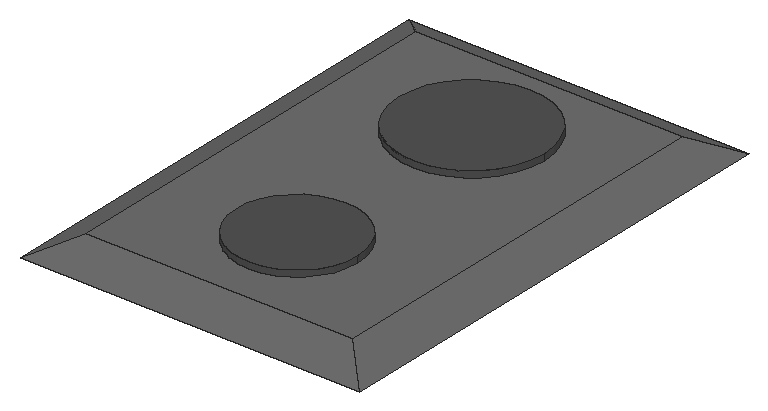
Revit family
Parameters (values of type "356 x 508mm")
  Burner Material = Metal - Chrome
  Cooktop Material = Metal - Steel, Polished
  Counter Height = 900.00 mm
  Depth = 508.00 mm
  Width = 356.00 mm
Types (4, lengths in mm): name | Depth | Width
  (no name) | 508.00 | 356.00
  305 x 457mm | 457.00 | 305.00
  356 x 508mm | 508.00 | 356.00
  406 x 560mm | 560.00 | 406.00
Reference planes
  plane 1 "Center (Front/Back)": y = 30.225
  plane 2: z = 0
  plane 3 "Center (Left/Right)": x = 76.2
  plane 4: z = 19.05
  plane 5: y = 284.225
  plane 6: y = -223.775
  plane 7: z = 900
Forms (mm)
  Blend 1, solid, material "Metal - Steel, Polished" <- "Cooktop Material"
    base sketch origin (0, 0, 900) x (-1, 0, 0) y (0, -1, 0)
      loop
        line (101.8, -284.225) -> (101.8, 223.775) -> (-254.2, 223.775) -> (-254.2, -284.225) -> (101.8, -284.225)
    top sketch origin (0, 0, 900) x (-1, 0, 0) y (0, -1, 0)
      loop
        line (63.7, -246.125) -> (63.7, 185.675) -> (-216.1, 185.675) -> (-216.1, -246.125) -> (63.7, -246.125)
    from 0 to 19.05
  Extrusion 2, solid, material "Metal - Chrome" <- "Burner Material"
    sketch origin (76.2, 30.225, 919.05) x (-1, 0, 0) y (0, -1, 0)
      loop
        circle (0, -114.3) r 76.2
      loop
        circle (0, 114.3) r 63.5
    from 0 to 6.35
Lines and regions (mm)
  symbolic lines, style "SpecialityEquipment"
    curve 1: line (-101.8, 284.225, 19.05) -> (254.2, 284.225, 19.05)
    curve 2: line (-101.8, -223.775, 19.05) -> (-101.8, 284.225, 19.05)
    curve 3: line (254.2, -223.775, 19.05) -> (-101.8, -223.775, 19.05)
    curve 4: line (254.2, 284.225, 19.05) -> (254.2, -223.775, 19.05)
    curve 5: line (-63.7, 246.125, 19.05) -> (216.1, 246.125, 19.05)
    curve 6: line (-63.7, -185.675, 19.05) -> (-63.7, 246.125, 19.05)
    curve 7: line (216.1, -185.675, 19.05) -> (-63.7, -185.675, 19.05)
    curve 8: line (216.1, 246.125, 19.05) -> (216.1, -185.675, 19.05)
    curve 9: line (-101.8, 284.225, 19.05) -> (-63.7, 246.125, 19.05)
    curve 10: line (254.2, 284.225, 19.05) -> (216.1, 246.125, 19.05)
    curve 11: line (254.2, -223.775, 19.05) -> (216.1, -185.675, 19.05)
    curve 12: line (-101.8, -223.775, 19.05) -> (-63.7, -185.675, 19.05)
    curve 13: arc (152.4, 144.525, 19.05) -> (76.2, 220.725, 19.05) -> (0, 144.525, 19.05) r 76.2
    curve 14: arc (0, 144.525, 19.05) -> (76.2, 68.325, 19.05) -> (152.4, 144.525, 19.05) r 76.2
    curve 15: arc (139.7, -84.075, 19.05) -> (76.2, -20.575, 19.05) -> (12.7, -84.075, 19.05) r 63.5
    curve 16: arc (12.7, -84.075, 19.05) -> (76.2, -147.575, 19.05) -> (139.7, -84.075, 19.05) r 63.5
    curve 17: line (76.2, 169.925, 19.05) -> (76.2, 233.425, 19.05)
    curve 18: line (50.8, 144.525, 19.05) -> (-12.7, 144.525, 19.05)
    curve 19: line (76.2, 119.125, 19.05) -> (76.2, 55.625, 19.05)
    curve 20: line (101.6, 144.525, 19.05) -> (165.1, 144.525, 19.05)
    curve 21: line (76.2, -65.025, 19.05) -> (76.2, -1.525, 19.05)
    curve 22: line (57.15, -84.075, 19.05) -> (-6.35, -84.075, 19.05)
    curve 23: line (76.2, -103.125, 19.05) -> (76.2, -166.625, 19.05)
    curve 24: line (95.25, -84.075, 19.05) -> (158.75, -84.075, 19.05)
Dimensions and locks
  equal spacing: curve 2, plane 3 "Center (Left/Right)", curve 4
  equal spacing: curve 3, plane 1 "Center (Front/Back)", curve 1
  "Depth": curve 3 to curve 1
  "Width": curve 2 to curve 4
  locked: curve 14 to curve 1 at 139.7
  locked: curve 16 to curve 3 at 139.7
  "Counter Height": plane 2 to plane 7
  locked: Blend 1 sketch curve to curve 1 at 38.1
  locked: Blend 1 sketch curve to curve 3 at 38.1
  locked: curve 2 to Blend 1 sketch curve at 38.1
  locked: Blend 1 sketch curve to curve 4 at 38.1
  locked: Extrusion 2 sketch curve to curve 1 at 139.7
  locked: Extrusion 2 sketch curve to curve 3 at 139.7
  aligned and locked: Blend 1 sketch curve to curve 1
  aligned and locked: Blend 1 sketch curve to curve 3
  aligned and locked: Blend 1 sketch curve to curve 4
  aligned and locked: Blend 1 sketch curve to curve 2
Automatic sketch dimensions
  curve 16 to plane 3 "Center (Left/Right)" = 0.00 mm
  curve 17 to plane 3 "Center (Left/Right)" = 0.00 mm
  curve 21 to plane 3 "Center (Left/Right)" = 0.00 mm
  curve 13 to plane 3 "Center (Left/Right)" = 0.00 mm
  curve 23 to plane 3 "Center (Left/Right)" = 0.00 mm
  curve 19 to plane 3 "Center (Left/Right)" = 0.00 mm
  curve 3 to curve 12 = 38.10 mm
  curve 18 to plane 3 "Center (Left/Right)" = 88.90 mm
  curve 22 to plane 3 "Center (Left/Right)" = 82.55 mm
  curve 18 to curve 13 = 12.70 mm
  curve 22 to curve 16 = 19.05 mm
  curve 18 to plane 3 "Center (Left/Right)" = 25.40 mm
  curve 22 to plane 3 "Center (Left/Right)" = 19.05 mm
  plane 3 "Center (Left/Right)" to curve 24 = 19.05 mm
  plane 3 "Center (Left/Right)" to curve 20 = 25.40 mm
  curve 15 to curve 24 = 19.05 mm
  curve 13 to curve 20 = 12.70 mm
  curve 11 to curve 11 = 38.10 mm
  curve 11 to curve 7 = 38.10 mm
  curve 23 to curve 15 = 82.55 mm
  curve 23 to curve 15 = 19.05 mm
  plane 1 "Center (Front/Back)" to curve 21 = 31.75 mm
  curve 19 to plane 1 "Center (Front/Back)" = 25.40 mm
  curve 13 to curve 17 = 25.40 mm
  curve 17 to curve 17 = 63.50 mm
  curve 9 to curve 1 = 38.10 mm
  curve 19 to curve 13 = 25.40 mm
  curve 20 to curve 13 = 0.00 mm
  curve 18 to curve 13 = 0.00 mm
  curve 22 to curve 15 = 0.00 mm
  curve 24 to curve 15 = 0.00 mm
  curve 15 to curve 21 = 19.05 mm
  Extrusion 2 sketch curve to plane 3 "Center (Left/Right)" = 0.00 mm  (x2)
  plane 3 "Center (Left/Right)" to Extrusion 2 sketch curve = 76.20 mm
  plane 3 "Center (Left/Right)" to Extrusion 2 sketch curve = 63.50 mm
